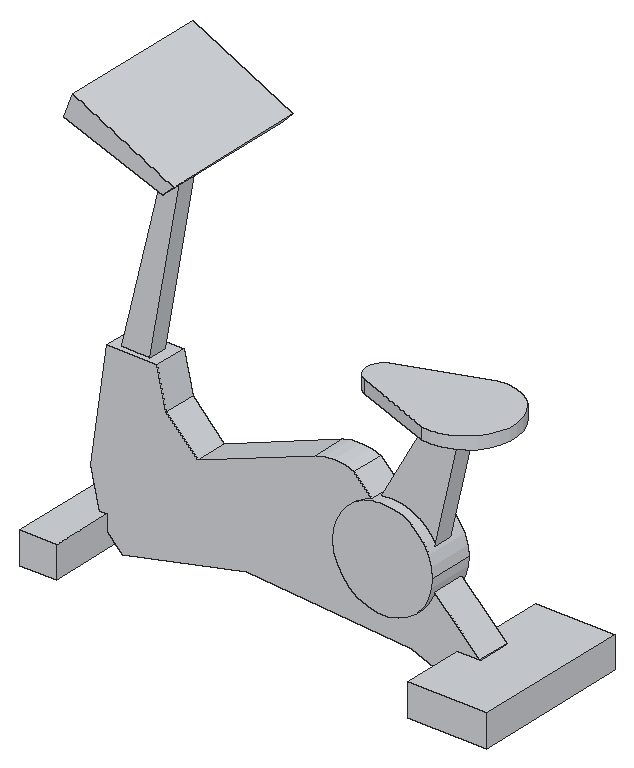
Revit family "АВЛН_Велотренажер горизонтальный", category Мебель, Revit 2019
Family settings
  Номер OmniClass = 23.40.20.00
  Заголовок OmniClass = General Furniture and Specialties
  На основе рабочей плоскости = Нет
  Всегда вертикально = Да
  При загрузке вырезать с полостями = Нет
  Общий = Нет
  Точка расчета площади = Нет
Parameters
  Описание = "Велотренажер горизонтальный; габ.1870х\r\n640х730мм;Э1Ф; 220В;"
  Type Comments = ""
  Keynote = ""
  Manufacturer = ""
  Группа модели = "Оборудование Спортивной зоны"
  ADSK_Размер_Ширина = 640 mm
  ADSK_Размер_Длина = 1870 mm
  ADSK_Размер_Высота = 730 mm
  ADSK_Обозначение = "AeroFit 9500R 7"
  ADSK_Масса = 0
  ADSK_Код изделия = ""
  ADSK_Единица измерения = "шт"  # constant formula
Reference planes
  plane 1 "По центру (Вперед/Назад)": y = 0
  plane 2: z = 0
  plane 3 "По центру (Влево/Вправо)": x = 0
  plane 4: z = 730
  plane 5: y = 320
  plane 6: x = 935
  plane 7: x = -935
  plane 8: y = -320
Forms (mm)
  Extrusion 1, solid
    sketch origin (0, -518.993, 952.976) x (-1, 0, 0) y (0, -1, 0)
      loop
        line (-242.951, -451.188) -> (-567.969, -332.891)
        arc (-567.969, -332.891) -> (-789.316, -520.288) -> (-567.969, -707.684) r 190
        line (-567.969, -707.684) -> (-234.715, -585.488)
        arc (-234.715, -585.488) -> (-196.425, -515.738) -> (-242.951, -451.188) r 74.507
    from -34.144 to 15
  Extrusion 2, solid
    sketch origin (0, 0, 0) x (1, 0, 0) y (0, 0, 1)
      loop
        circle (332.113, 364.519) r 200
    from -93.045 to 86.382
  Extrusion 3, solid
    sketch origin (0, 0, 0) x (1, 0, 0) y (0, 0, 1)
      loop
        line (707.28, 126.238) -> (200.023, 622.406)
        arc (200.023, 622.406) -> (124.703, 639.778) -> (48.161, 629.004) r 212.081
        line (48.161, 629.004) -> (-426.442, 446.822) -> (-553.721, 574.101) -> (-589.713, 730) -> (-789.713, 730) -> (-852.995, 279.727) -> (-808.005, 84.853) -> (-723.152, 0) -> (-227.444, 114.443) -> (430.949, 68.404) -> (618.887, 0) -> (707.28, 126.238)
    from -66.495 to 67.805
  Extrusion 4, solid
    sketch origin (0, 0, 0) x (1, 0, 0) y (0, 0, 1)
      loop
        line (615, 918.832) -> (492.801, 918.832) -> (284.735, 543.874) -> (482.725, 345.884) -> (615, 918.832)
    from -29.573 to 42.845
  Extrusion 5, solid
    sketch origin (0, -518.993, 592.976) x (-1, 0, 0) y (0, -1, 0)
      loop
        line (-935, -838.993) -> (-618.887, -838.993) -> (-618.887, -198.993) -> (-935, -198.993) -> (-935, -838.993)
    from -592.976 to -466.738
  Extrusion 6, solid
    sketch origin (-1553.887, -518.993, 592.976) x (-1, 0, 0) y (0, -1, 0)
      loop
        line (-764.174, -838.993) -> (-618.887, -838.993) -> (-618.887, -198.993) -> (-764.174, -198.993) -> (-764.174, -838.993)
    from -592.976 to -466.738
  Extrusion 7, solid
    sketch origin (0, 0, 0) x (1, 0, 0) y (0, 0, 1)
      loop
        line (-635, 730) -> (-485.663, 1576.935) -> (-545.663, 1576.935) -> (-749.723, 730) -> (-635, 730)
    from -29.573 to 42.845
  Extrusion 8, solid
    sketch origin (0, 0, 0) x (1, 0, 0) y (0, 0, 1)
      loop
        line (-334.876, 1559.548) -> (-737.771, 1754.74) -> (-771.973, 1660.77) -> (-377.302, 1517.122) -> (-334.876, 1559.548)
    from -296.596 to 302.281
Dimensions and locks
  plane 2 to plane 4 = 730 mm
  equal spacing: plane 8, plane 1 "По центру (Вперед/Назад)", plane 5
  equal spacing: plane 7, plane 3 "По центру (Влево/Вправо)", plane 6
  "ADSK_Размер_Длина": plane 7 to plane 6
  "ADSK_Размер_Ширина": plane 5 to plane 8
  "ADSK_Размер_Высота": plane 2 to plane 4
  aligned and locked: level to plane 2
Automatic sketch dimensions
  Extrusion 1 sketch curve to plane 1 "По центру (Вперед/Назад)" = 1.295 mm
  Extrusion 1 sketch curve to plane 6 = 335.684 mm
  plane 8 to Extrusion 1 sketch curve = 133.898 mm
  Extrusion 1 sketch curve to Extrusion 1 sketch curve = 31.347 mm
  Extrusion 1 sketch curve to plane 5 = 131.309 mm
  Extrusion 1 sketch curve to plane 1 "По центру (Вперед/Назад)" = 1.305 mm
  plane 3 "По центру (Влево/Вправо)" to Extrusion 1 sketch curve = 270.793 mm
  plane 1 "По центру (Вперед/Назад)" to Extrusion 1 sketch curve = 67.805 mm
  Extrusion 1 sketch curve to Extrusion 1 sketch curve = 27.842 mm
  Extrusion 1 sketch curve to plane 1 "По центру (Вперед/Назад)" = 66.495 mm
  plane 3 "По центру (Влево/Вправо)" to Extrusion 2 sketch curve = 332.113 mm
  level to Extrusion 2 sketch curve = 364.519 mm
  Extrusion 3 sketch curve to plane 4 = 0 mm
  Extrusion 3 sketch curve to level = 0 mm  (x2)
  plane 7 to Extrusion 3 sketch curve = 82.005 mm
  plane 7 to Extrusion 3 sketch curve = 126.995 mm
  plane 7 to Extrusion 3 sketch curve = 145.287 mm
  Extrusion 3 sketch curve to Extrusion 3 sketch curve = 84.853 mm
  Extrusion 3 sketch curve to Extrusion 3 sketch curve = 200 mm
  plane 4 to Extrusion 3 sketch curve = 155.899 mm
  Extrusion 3 sketch curve to Extrusion 3 sketch curve = 35.992 mm
  Extrusion 3 sketch curve to Extrusion 3 sketch curve = 127.279 mm  (x2)
  Extrusion 3 sketch curve to plane 3 "По центру (Влево/Вправо)" = 227.444 mm
  plane 3 "По центру (Влево/Вправо)" to Extrusion 3 sketch curve = 48.161 mm
  plane 3 "По центру (Влево/Вправо)" to Extrusion 3 sketch curve = 115.497 mm
  plane 4 to Extrusion 3 sketch curve = 107.594 mm
  Extrusion 3 sketch curve to Extrusion 3 sketch curve = 151.863 mm
  level to Extrusion 3 sketch curve = 68.404 mm
  plane 3 "По центру (Влево/Вправо)" to Extrusion 3 sketch curve = 430.949 mm
  Extrusion 3 sketch curve to Extrusion 3 sketch curve = 187.939 mm
  Extrusion 3 sketch curve to Extrusion 3 sketch curve = 88.393 mm
  level to Extrusion 3 sketch curve = 84.853 mm
  level to Extrusion 3 sketch curve = 114.443 mm
  level to Extrusion 3 sketch curve = 126.238 mm
  Extrusion 3 sketch curve to Extrusion 3 sketch curve = 194.874 mm
  Extrusion 3 sketch curve to Extrusion 3 sketch curve = 194.509 mm
  plane 3 "По центру (Влево/Вправо)" to Extrusion 4 sketch curve = 284.735 mm
  Extrusion 4 sketch curve to Extrusion 4 sketch curve = 197.99 mm  (x2)
  Extrusion 4 sketch curve to plane 4 = 188.832 mm
  Extrusion 4 sketch curve to Extrusion 4 sketch curve = 208.066 mm
  Extrusion 4 sketch curve to Extrusion 4 sketch curve = 122.199 mm
  plane 4 to Extrusion 4 sketch curve = 186.126 mm
  Extrusion 5 sketch curve to plane 6 = 0 mm
  plane 8 to Extrusion 5 sketch curve = 0 mm
  plane 5 to Extrusion 5 sketch curve = 0 mm
  Extrusion 5 sketch curve to plane 6 = 316.113 mm
  Extrusion 6 sketch curve to plane 8 = 0 mm
  Extrusion 6 sketch curve to plane 5 = 0 mm
  Extrusion 6 sketch curve to plane 7 = 0 mm
  plane 7 to Extrusion 6 sketch curve = 145.287 mm
  Extrusion 7 sketch curve to plane 4 = 0 mm
  plane 7 to Extrusion 7 sketch curve = 389.337 mm
  Extrusion 7 sketch curve to Extrusion 7 sketch curve = 60 mm
  Extrusion 7 sketch curve to plane 4 = 846.935 mm
  plane 7 to Extrusion 7 sketch curve = 300 mm
  Extrusion 7 sketch curve to Extrusion 7 sketch curve = 114.723 mm
  plane 7 to Extrusion 8 sketch curve = 163.027 mm
  Extrusion 8 sketch curve to plane 3 "По центру (Влево/Вправо)" = 377.302 mm
  Extrusion 8 sketch curve to plane 4 = 787.122 mm
  Extrusion 8 sketch curve to Extrusion 8 sketch curve = 143.648 mm
  Extrusion 8 sketch curve to Extrusion 8 sketch curve = 34.202 mm
  Extrusion 8 sketch curve to Extrusion 8 sketch curve = 42.426 mm  (x2)
  radius of Extrusion 2 sketch curve = 200 mm
